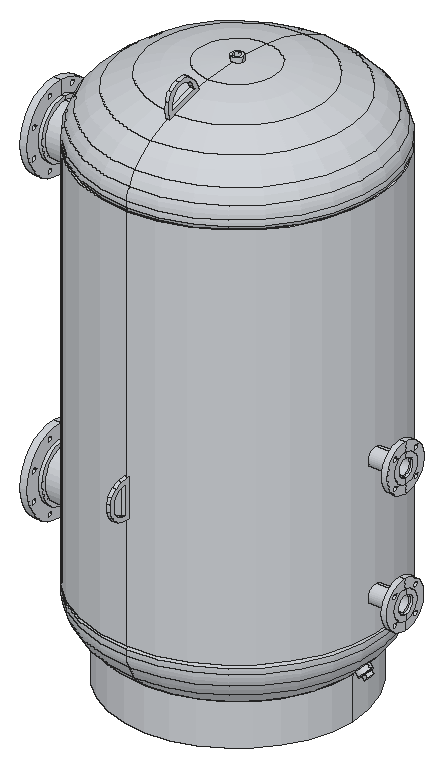
Revit family "HBT-300-26", category Generic Models, Revit 2014
Parameters (values of type "HBT-300-26")
  URL = "http://westank.com/"
  Tank Volume = 300.00 gal
  Part Number = 55643026
  Model = "HBT-300-26"
  Maximum Shipping Weight = 787 lbf
  G = 16"
  B = 6"
  A = 2"
  F = 32"
  E = 56"
  Description = "Wessels ASME 4-port primary-secondary Hot Water Buffer Tanks (HBT) are designed for use with today’s high efficiency systems that incorporate small modular low-mass boilers."
  D = 72"
  C = 36"
Reference planes (in)
  plane 1 "Center (Front/Back)": y = 0
  plane 2: z = 0
  plane 3 "Center (Left/Right)": x = 0
  plane 4: z = 0
  plane 5: x = -18
  plane 6: x = 18
  plane 7: z = 72
  plane 8: z = 56
  plane 9: z = 32
  plane 10: z = 16
Forms (in)
  Revolve 1, solid
    sketch origin (0, -0.02461, 0) x (0, 1, 0) y (0, 0, 1)
      loop
        line (-17.97559, 11.40987) -> (-17.77585, 11.40987)
        arc (-17.77585, 11.40987) -> (-17.77901, 11.38745) -> (-17.78675, 11.36617) r 0.10832
        line (-17.78675, 11.36617) -> (-17.97559, 10.97899)
        arc (-17.97559, 10.97899) -> (-17.97692, 10.6034) -> (-17.93634, 10.23002) r 3.36112
        arc (-17.93634, 10.23002) -> (-17.83534, 9.45516) -> (-17.56075, 8.72359) r 3.4127
        arc (-17.56075, 8.72359) -> (-17.14884, 7.91952) -> (-16.63227, 7.17835) r 6.68364
        arc (-16.63227, 7.17835) -> (-15.41449, 5.9118) -> (-13.99078, 4.88214) r 9.83519
        arc (-13.99078, 4.88214) -> (-12.33964, 3.99029) -> (-10.62031, 3.23825) r 22.63963
        arc (-10.62031, 3.23825) -> (-7.74153, 2.33452) -> (-4.76815, 1.82164) r 22.63963
        arc (-4.76815, 1.82164) -> (-2.37465, 1.61295) -> (0.02461, 1.4865) r 70.02787
        line (0.02461, 1.4865) -> (0.02461, 1.65848)
        arc (0.02461, 1.65848) -> (-2.3657, 1.78462) -> (-4.75028, 1.99258) r 69.85599
        arc (-4.75028, 1.99258) -> (-7.70109, 2.50157) -> (-10.55801, 3.39844) r 22.46775
        arc (-10.55801, 3.39844) -> (-12.26429, 4.14477) -> (-13.9029, 5.02985) r 22.46775
        arc (-13.9029, 5.02985) -> (-15.30173, 6.04151) -> (-16.49823, 7.28593) r 9.66331
        arc (-16.49823, 7.28593) -> (-17.00303, 8.01057) -> (-17.40515, 8.79685) r 6.51177
        arc (-17.40515, 8.79685) -> (-17.66943, 9.50016) -> (-17.76465, 10.24543) r 3.24083
        arc (-17.76465, 10.24543) -> (-17.80397, 10.58906) -> (-17.80585, 10.93493) r 3.18924
        line (-17.80585, 10.93493) -> (-17.63227, 11.29083)
        arc (-17.63227, 11.29083) -> (-17.60804, 11.35818) -> (-17.59889, 11.42917) r 0.33041
        line (-17.59889, 11.42917) -> (-17.80365, 11.42917) -> (-17.80365, 62.07314) -> (-17.59889, 62.07314)
        arc (-17.59889, 62.07314) -> (-17.60804, 62.14413) -> (-17.63227, 62.21149) r 0.33041
        line (-17.63227, 62.21149) -> (-17.80585, 62.56739)
        arc (-17.80585, 62.56739) -> (-17.80397, 62.91325) -> (-17.76465, 63.25688) r 3.18924
        arc (-17.76465, 63.25688) -> (-17.66943, 64.00215) -> (-17.40515, 64.70547) r 3.24083
        arc (-17.40515, 64.70547) -> (-17.00303, 65.49175) -> (-16.49823, 66.21639) r 6.51177
        arc (-16.49823, 66.21639) -> (-15.30173, 67.4608) -> (-13.9029, 68.47247) r 9.66331
        arc (-13.9029, 68.47247) -> (-12.26429, 69.35755) -> (-10.55801, 70.10388) r 22.46775
        arc (-10.55801, 70.10388) -> (-7.70109, 71.00074) -> (-4.75028, 71.50973) r 22.46775
        arc (-4.75028, 71.50973) -> (-2.3657, 71.71769) -> (0.02461, 71.84383) r 69.85599
        line (0.02461, 71.84383) -> (0.02461, 72.01582)
        arc (0.02461, 72.01582) -> (-2.37465, 71.88936) -> (-4.76815, 71.68068) r 70.02787
        arc (-4.76815, 71.68068) -> (-7.74153, 71.16779) -> (-10.62031, 70.26407) r 22.63963
        arc (-10.62031, 70.26407) -> (-12.33964, 69.51203) -> (-13.99078, 68.62018) r 22.63963
        arc (-13.99078, 68.62018) -> (-15.41449, 67.59052) -> (-16.63227, 66.32397) r 9.83519
        arc (-16.63227, 66.32397) -> (-17.14884, 65.58279) -> (-17.56075, 64.77872) r 6.68364
        arc (-17.56075, 64.77872) -> (-17.83534, 64.04715) -> (-17.93634, 63.2723) r 3.4127
        arc (-17.93634, 63.2723) -> (-17.97692, 62.89891) -> (-17.97559, 62.52332) r 3.36112
        line (-17.97559, 62.52332) -> (-17.78675, 62.13614)
        arc (-17.78675, 62.13614) -> (-17.77901, 62.11486) -> (-17.77585, 62.09244) r 0.10832
        line (-17.77585, 62.09244) -> (-17.97559, 62.09244) -> (-17.97559, 11.40987)
      axis (0.02461, 1.4865) -> (0.02461, 72.01582)
    angle from 0 to 360
  Revolve 2, solid
    sketch origin (1.3301, 0, 3.24654) x (0.990017, 0, -0.140951) y (0.140951, 0, 0.990017)
      loop
        line (14.71753, 6.11956) -> (14.66586, 6.1556) -> (14.25436, 5.56561) -> (14.86992, 5.13627) -> (15.24588, 5.6753) -> (15.19462, 5.71106) -> (15.31904, 5.88945) -> (14.80641, 6.24699) -> (14.71753, 6.11956)
      axis (14.25436, 5.56561) -> (14.86992, 5.13627)
    angle from 0 to 360
  Extrusion 3, solid
    sketch origin (16.3437, -180, 7.27869) x (0.681658, 0, 0.731671) y (0, -1, 0)
      loop
        line (-0.16036, -179.52645) -> (-0.95521, -179.68698) -> (-0.79485, -180.48095) -> (0, -180.32042) -> (-0.16036, -179.52645)
    from 1.02698 to 1.52678
  Extrusion 4, solid
    sketch origin (0, -6.04905, 4.9833) x (0, 1, 0) y (0, 0, 1)
      loop
        line (-11.93439, 21.33067) -> (-11.93439, 26.202)
        arc (-11.93439, 26.202) -> (-12.47846, 26.15164) -> (-13.01533, 26.05008) r 5.77422
        arc (-13.01533, 26.05008) -> (-13.49297, 25.89754) -> (-13.94252, 25.67548) r 3.35288
        arc (-13.94252, 25.67548) -> (-14.34081, 25.36666) -> (-14.64962, 24.96837) r 2.0073
        arc (-14.64962, 24.96837) -> (-14.80343, 24.58932) -> (-14.88788, 24.18906) r 2.30742
        arc (-14.88788, 24.18906) -> (-14.91277, 23.77188) -> (-14.88788, 23.3547) r 3.50846
        arc (-14.88788, 23.3547) -> (-14.79412, 22.92876) -> (-14.61961, 22.52904) r 2.24053
        arc (-14.61961, 22.52904) -> (-14.27401, 22.08806) -> (-13.80999, 21.77406) r 1.8078
        arc (-13.80999, 21.77406) -> (-13.34321, 21.55591) -> (-12.84107, 21.44044) r 2.44481
        arc (-12.84107, 21.44044) -> (-12.39043, 21.36326) -> (-11.93439, 21.33067) r 4.65484
      loop
        arc (-12.44611, 25.63929) -> (-12.67227, 25.60073) -> (-12.89654, 25.55235) r 5.2625
        arc (-12.89654, 25.55235) -> (-13.30128, 25.42308) -> (-13.68221, 25.23491) r 2.84116
        arc (-13.68221, 25.23491) -> (-13.97364, 25.01013) -> (-14.20134, 24.72098) r 1.49558
        arc (-14.20134, 24.72098) -> (-14.3163, 24.43235) -> (-14.37979, 24.12821) r 1.7957
        arc (-14.37979, 24.12821) -> (-14.40106, 23.77188) -> (-14.37979, 23.41555) r 2.99674
        arc (-14.37979, 23.41555) -> (-14.30745, 23.08689) -> (-14.17279, 22.77846) r 1.72881
        arc (-14.17279, 22.77846) -> (-13.91552, 22.45353) -> (-13.56884, 22.22643) r 1.29608
        arc (-13.56884, 22.22643) -> (-13.1779, 22.0402) -> (-12.75531, 21.94566) r 1.9331
        arc (-12.75531, 21.94566) -> (-12.60126, 21.91347) -> (-12.44611, 21.88716) r 4.14312
        line (-12.44611, 21.88716) -> (-12.44611, 25.63929)
    from -0.24366 to 0.25634
  Extrusion 5, solid
    sketch origin (0, -28.53332, 53.09576) x (0, 0.284015, -0.95882) y (0, 0.95882, 0.284015)
      loop
        arc (-11.9298, 25.67102) -> (-12.15596, 25.63246) -> (-12.38023, 25.58408) r 5.2625
        arc (-12.38023, 25.58408) -> (-12.78497, 25.45482) -> (-13.16591, 25.26664) r 2.84116
        arc (-13.16591, 25.26664) -> (-13.45733, 25.04186) -> (-13.68503, 24.75271) r 1.49558
        arc (-13.68503, 24.75271) -> (-13.8, 24.46408) -> (-13.86349, 24.15994) r 1.7957
        arc (-13.86349, 24.15994) -> (-13.88475, 23.80361) -> (-13.86349, 23.44728) r 2.99674
        arc (-13.86349, 23.44728) -> (-13.79114, 23.11862) -> (-13.65649, 22.81019) r 1.72881
        arc (-13.65649, 22.81019) -> (-13.39922, 22.48527) -> (-13.05253, 22.25816) r 1.29608
        arc (-13.05253, 22.25816) -> (-12.66159, 22.07193) -> (-12.239, 21.97739) r 1.9331
        arc (-12.239, 21.97739) -> (-12.08496, 21.94521) -> (-11.9298, 21.91889) r 4.14312
        line (-11.9298, 21.91889) -> (-11.9298, 25.67102)
      loop
        line (-11.25461, 21.34343) -> (-11.25461, 26.18965)
        arc (-11.25461, 26.18965) -> (-12.15974, 26.1622) -> (-13.02719, 25.90227) r 3.48194
        arc (-13.02719, 25.90227) -> (-13.54727, 25.6041) -> (-13.99851, 25.20943) r 3.03185
        arc (-13.99851, 25.20943) -> (-14.28248, 24.55653) -> (-14.39992, 23.8543) r 2.91879
        arc (-14.39992, 23.8543) -> (-14.3348, 23.1787) -> (-14.08611, 22.54717) r 2.44012
        arc (-14.08611, 22.54717) -> (-13.716, 22.08641) -> (-13.21844, 21.76749) r 1.83162
        arc (-13.21844, 21.76749) -> (-12.25729, 21.45928) -> (-11.25461, 21.34343) r 5.1769
    from -0.24366 to 0.25634
  Extrusion 6, solid
    sketch origin (0, 0, 0) x (1, 0, 0) y (0, 1, 0)
      loop
        circle (0, 0) r 0.75
      loop
        circle (0, 0) r 0.5
    from 71.36613 to 72.49354
  Extrusion 7, void
    sketch origin (0, 0, 0) x (1, 0, 0) y (0, 1, 0)
      loop
        circle (0, 0) r 0.5
    from 70.90268 to 73.75579
  Revolve 8, solid
    sketch origin (0, 0, 0) x (1, 0, 0) y (0, 0, 1)
      loop
        line (14.82824, 5.43485) -> (14.82824, 0) -> (15, 0) -> (15, 5.43485) -> (14.82824, 5.43485)
      axis (0, 5.43485) -> (0, 0)
    angle from 0 to 360
  Revolve 9, solid
    sketch origin (-4.11882, 0, 3.28348) x (1, 0, 0) y (0, 0, 1)
      loop
        line (24.99382, 11.53157) -> (24.99382, 10.96875) -> (25.24382, 10.96875) -> (25.24382, 9.71837) -> (25.93132, 9.71837) -> (25.93132, 10.90594) -> (25.99382, 10.90594) -> (25.99382, 11.53157) -> (24.99382, 11.53157)
      axis (25.99382, 12.71652) -> (24.99382, 12.71652)
    angle from 0 to 360
  Revolve 10, solid
    sketch origin (-2.17131, 0, 3.5) x (-1, 0, 0) y (0, 0, -1)
      loop
        line (-17.17131, -11.46847) -> (-17.17131, -11.31445) -> (-23.67131, -11.31445) -> (-23.67131, -11.46847) -> (-17.17131, -11.46847)
      axis (-23.67131, -12.5) -> (-17.17131, -12.5)
    angle from 0 to 360
  Extrusion 11, void
    sketch origin (5.87592, 0, 3.00195) x (0, 1, 0) y (0, 0, 1)
      loop
        circle (1.68454, 14.67389) r 0.38273
      loop
        circle (-1.69766, 14.67389) r 0.37635
      loop
        circle (-1.66641, 11.31003) r 0.35289
      loop
        circle (1.70166, 11.31003) r 0.37084
    from 13.49462 to 18.49167
  Revolve 12, solid
    sketch origin (-4.05645, 0, 19.28348) x (1, 0, 0) y (0, 0, 1)
      loop
        line (24.99382, 11.53157) -> (24.99382, 10.96875) -> (25.24382, 10.96875) -> (25.24382, 9.71837) -> (25.93132, 9.71837) -> (25.93132, 10.90594) -> (25.99382, 10.90594) -> (25.99382, 11.53157) -> (24.99382, 11.53157)
      axis (25.99382, 12.71652) -> (24.99382, 12.71652)
    angle from 0 to 360
  Revolve 13, solid
    sketch origin (-2.10894, 0, 19.5) x (-1, 0, 0) y (0, 0, -1)
      loop
        line (-17.17131, -11.46847) -> (-17.17131, -11.31445) -> (-23.67131, -11.31445) -> (-23.67131, -11.46847) -> (-17.17131, -11.46847)
      axis (-23.67131, -12.5) -> (-17.17131, -12.5)
    angle from 0 to 360
  Extrusion 14, void
    sketch origin (5.93829, 0, 19.00195) x (0, 1, 0) y (0, 0, 1)
      loop
        circle (1.68454, 14.67389) r 0.38273
      loop
        circle (-1.69766, 14.67389) r 0.37635
      loop
        circle (-1.66641, 11.31003) r 0.35289
      loop
        circle (1.70166, 11.31003) r 0.37084
    from 13.49462 to 18.49167
  Extrusion 15, void
    sketch origin (3.96338, 0, 8.24902) x (0, 1, 0) y (0, 0, 1)
      loop
        circle (0, 23.75098) r 1.03153
    from 10.06157 to 17.27456
  Extrusion 16, solid
    sketch origin (16.3437, -180, 7.27869) x (0.681658, 0, 0.731671) y (0, -1, 0)
      loop
        line (-0.16036, -179.52645) -> (-0.95521, -179.68698) -> (-0.79485, -180.48095) -> (0, -180.32042) -> (-0.16036, -179.52645)
    from 1.02698 to 1.52678
  Extrusion 17, void
    sketch origin (0, 0, 0.25) x (0, 1, 0) y (0, 0, 1)
      loop
        circle (0, 55.75) r 3.03236
    from -21.98599 to -16.85333
  Extrusion 18, void
    sketch origin (-3.60333, 0.13917, 2.92009) x (0, 1, 0) y (0, 0, -1)
      loop
        circle (1.69719, -17.48433) r 0.39709
      loop
        circle (-1.9754, -17.46881) r 0.36639
      loop
        circle (-4.51769, -14.87895) r 0.39644
      loop
        circle (-4.52689, -11.27295) r 0.39509
      loop
        circle (-1.97257, -8.6987) r 0.36154
      loop
        circle (1.64514, -8.71232) r 0.37125
      loop
        circle (4.24496, -14.89528) r 0.38234
      loop
        circle (4.26498, -11.26686) r 0.36602
    from 22.86736 to 18.16765
  Revolve 19, solid
    sketch origin (-2.98639, 0, 1.50063) x (-1, 0, 0) y (0, 0, 1)
      loop
        line (19.42942, 11.18586) -> (19.42942, 10.71812) -> (19.99192, 10.71812) -> (19.99192, 8.99937) -> (20.92942, 8.99937) -> (20.92942, 10.24937) -> (20.99192, 10.24937) -> (20.99192, 11.18586) -> (19.42942, 11.18586)
      axis (20.99192, 14.49937) -> (19.42942, 14.49937)
    angle from 0 to 360
  Revolve 20, solid
    sketch origin (-3.58795, 0, 1.50258) x (1, 0, 0) y (0, 0, 1)
      loop
        line (-13.76536, 11.46505) -> (-19.89036, 11.46505) -> (-19.89036, 11.18492) -> (-13.76536, 11.18492) -> (-13.76536, 11.46505)
      axis (-19.89036, 14.49742) -> (-13.76536, 14.49742)
    angle from 0 to 360
  Extrusion 21, void
    sketch origin (0, 0, 0) x (0, 1, 0) y (0, 0, 1)
      loop
        circle (0, 16) r 3.03236
    from -25.80262 to -14.49862
  Revolve 22, solid
    sketch origin (-2.98639, 0, 41.50063) x (-1, 0, 0) y (0, 0, 1)
      loop
        line (19.42942, 11.18586) -> (19.42942, 10.71812) -> (19.99192, 10.71812) -> (19.99192, 8.99937) -> (20.92942, 8.99937) -> (20.92942, 10.24937) -> (20.99192, 10.24937) -> (20.99192, 11.18586) -> (19.42942, 11.18586)
      axis (20.99192, 14.49937) -> (19.42942, 14.49937)
    angle from 0 to 360
  Revolve 23, solid
    sketch origin (-3.58795, 0, 41.50258) x (1, 0, 0) y (0, 0, 1)
      loop
        line (-13.76536, 11.46505) -> (-19.89036, 11.46505) -> (-19.89036, 11.18492) -> (-13.76536, 11.18492) -> (-13.76536, 11.46505)
      axis (-19.89036, 14.49742) -> (-13.76536, 14.49742)
    angle from 0 to 360
  Extrusion 24, void
    sketch origin (-3.60333, 0.13917, 42.93945) x (0, 1, 0) y (0, 0, -1)
      loop
        circle (1.69719, -17.48433) r 0.39709
      loop
        circle (-1.9754, -17.46881) r 0.36639
      loop
        circle (-4.51769, -14.87895) r 0.39644
      loop
        circle (-4.52689, -11.27295) r 0.39509
      loop
        circle (-1.97257, -8.6987) r 0.36154
      loop
        circle (1.64514, -8.71232) r 0.37125
      loop
        circle (4.24496, -14.89528) r 0.38234
      loop
        circle (4.26498, -11.26686) r 0.36602
    from 22.86736 to 18.16765
Cuts and joins
  joined: Extrusion 3, Extrusion 4, Extrusion 5, Extrusion 6, Revolve 8
  Extrusion 7, Extrusion 11, Extrusion 14, Extrusion 15, Extrusion 17, Extrusion 21 cuts Revolve 1
  Extrusion 11 cuts Revolve 9
  Extrusion 14 cuts Revolve 12
  Extrusion 15 cuts Revolve 13
  Extrusion 17 cuts Revolve 23
  Extrusion 18 cuts Revolve 19
  Extrusion 21 cuts Revolve 20
  Extrusion 24 cuts Revolve 22
Dimensions and locks (in)
  "D": plane 7 to plane 4
  "G": plane 10 to plane 4
  "F": plane 9 to plane 4
  "E": plane 8 to plane 4
  "C": plane 6 to plane 5
  aligned and locked: plane 2 to level
Automatic sketch dimensions
  Revolve 1 sketch curve to Revolve 1 sketch curve = 0"  (x56)
  Revolve 1 sketch curve to plane 1 "Center (Front/Back)" = 0"  (x3)
  plane 1 "Center (Front/Back)" to Revolve 1 sketch curve = 2.43969"  (x2)
  Revolve 1 sketch curve to plane 10 = 2.66549"
  plane 1 "Center (Front/Back)" to Revolve 1 sketch curve = 8.98663"  (x2)
  plane 8 to Revolve 1 sketch curve = 4.16781"
  Revolve 1 sketch curve to Revolve 1 sketch curve = 2.45782"  (x2)
  Revolve 1 sketch curve to Revolve 1 sketch curve = 3.10417"  (x2)
  Revolve 1 sketch curve to Revolve 1 sketch curve = 0.0964"  (x2)
  Revolve 1 sketch curve to Revolve 1 sketch curve = 2.97849"  (x2)
  plane 8 to Revolve 1 sketch curve = 6.21149"
  Revolve 1 sketch curve to Revolve 1 sketch curve = 0.03338"  (x2)
  Revolve 1 sketch curve to plane 10 = 4.70917"
  Revolve 1 sketch curve to Revolve 1 sketch curve = 0.17696"  (x2)
  Revolve 1 sketch curve to plane 10 = 4.63383"
  Revolve 1 sketch curve to Revolve 1 sketch curve = 0.0109"  (x2)
  plane 8 to Revolve 1 sketch curve = 6.13614"
  Revolve 1 sketch curve to Revolve 1 sketch curve = 0.0278"
  plane 8 to Revolve 1 sketch curve = 6.56739"
  Revolve 1 sketch curve to Revolve 1 sketch curve = 0.17358"  (x2)
  Revolve 1 sketch curve to plane 10 = 5.06507"
  Revolve 1 sketch curve to Revolve 1 sketch curve = 0.08045"  (x2)
  Revolve 1 sketch curve to Revolve 1 sketch curve = 0.04514"  (x2)
  Revolve 1 sketch curve to Revolve 1 sketch curve = 0.04635"
  Revolve 1 sketch curve to plane 10 = 5.02101"
  Revolve 1 sketch curve to Revolve 1 sketch curve = 0.16974"  (x2)
  plane 8 to Revolve 1 sketch curve = 6.52332"
  Revolve 1 sketch curve to plane 7 = 0.52976"
  Revolve 1 sketch curve to plane 1 "Center (Front/Back)" = 2.48565"  (x2)
  Revolve 1 sketch curve to Revolve 1 sketch curve = 0.51151"
  Revolve 1 sketch curve to Revolve 1 sketch curve = 0.49854"  (x2)
  level to Revolve 1 sketch curve = 2.03208"
  level to Revolve 1 sketch curve = 1.65848"
  Revolve 1 sketch curve to Revolve 1 sketch curve = 0.17198"
  Revolve 1 sketch curve to Revolve 1 sketch curve = 1 249/256"  (x2)
  Revolve 1 sketch curve to Revolve 1 sketch curve = 0.0437"
  Revolve 1 sketch curve to Revolve 1 sketch curve = 0.0193"
  Revolve 1 sketch curve to plane 9 = 7.66135"
  Revolve 1 sketch curve to plane 8 = 6.83634"
  Revolve 1 sketch curve to Revolve 1 sketch curve = 0.0695"
  Revolve 1 sketch curve to Revolve 1 sketch curve = 0.02202"
  Revolve 1 sketch curve to Revolve 1 sketch curve = 0.64986"
  Revolve 1 sketch curve to plane 7 = 0.15617"
  plane 7 to Revolve 1 sketch curve = 0.01582"
  Revolve 1 sketch curve to plane 7 = 1.89612"
  level to Revolve 1 sketch curve = 3 51/128"
  Revolve 1 sketch curve to Revolve 1 sketch curve = 0.06229"  (x2)
  Revolve 1 sketch curve to Revolve 1 sketch curve = 0.90692"  (x2)
  Revolve 1 sketch curve to Revolve 1 sketch curve = 0.1556"  (x2)
  Revolve 1 sketch curve to plane 9 = 3.10692"
  plane 9 to Revolve 1 sketch curve = 0.64308"
  Revolve 2 sketch curve to plane 6 = 1.77337"
  level to Revolve 2 sketch curve = 6.74742"
  Revolve 2 sketch curve to Revolve 2 sketch curve = 0.4115"
  Revolve 2 sketch curve to Revolve 2 sketch curve = 0.05167"
  Revolve 2 sketch curve to Revolve 2 sketch curve = 0.08888"
  Revolve 2 sketch curve to Revolve 2 sketch curve = 0.61556"
  Revolve 2 sketch curve to Revolve 2 sketch curve = 0.47709"
  Revolve 2 sketch curve to Revolve 2 sketch curve = 0.05126"
  Revolve 2 sketch curve to Revolve 2 sketch curve = 0.42934"
  Revolve 2 sketch curve to Revolve 2 sketch curve = 0.12768"
  Revolve 2 sketch curve to Revolve 2 sketch curve = 0"  (x2)
  Revolve 2 sketch curve to Revolve 2 sketch curve = 0.08905"
  plane 1 "Center (Front/Back)" to Extrusion 3 sketch curve = 0.31302"
  Extrusion 3 sketch curve to plane 1 "Center (Front/Back)" = 0.48095"
  Extrusion 3 sketch curve to Extrusion 3 sketch curve = 0.16036"  (x2)
  plane 1 "Center (Front/Back)" to Extrusion 3 sketch curve = 0.47355"
  Extrusion 3 sketch curve to Extrusion 3 sketch curve = 0.79485"
  Extrusion 3 sketch curve to plane 1 "Center (Front/Back)" = 0.32042"
  Extrusion 4 sketch curve to Extrusion 4 sketch curve = 0"  (x24)
  Extrusion 4 sketch curve to plane 9 = 3.6065"
  plane 1 "Center (Front/Back)" to Extrusion 4 sketch curve = 19.09014"
  Extrusion 4 sketch curve to Extrusion 4 sketch curve = 0.11966"
  Extrusion 4 sketch curve to Extrusion 4 sketch curve = 0.25819"
  Extrusion 4 sketch curve to Extrusion 4 sketch curve = 17/256"
  Extrusion 4 sketch curve to Extrusion 4 sketch curve = 0.04958"
  Extrusion 4 sketch curve to Extrusion 4 sketch curve = 0.15073"
  Extrusion 4 sketch curve to Extrusion 4 sketch curve = 0.20915"
  Extrusion 4 sketch curve to Extrusion 4 sketch curve = 131/256"
  Extrusion 4 sketch curve to Extrusion 4 sketch curve = 0.10338"
  Extrusion 4 sketch curve to Extrusion 4 sketch curve = 0.25955"
  Extrusion 4 sketch curve to Extrusion 4 sketch curve = 1.14294"
  Extrusion 4 sketch curve to Extrusion 4 sketch curve = 0.62139"
  Extrusion 4 sketch curve to Extrusion 4 sketch curve = 0.90165"
  Extrusion 4 sketch curve to Extrusion 4 sketch curve = 0.55648"
  Extrusion 4 sketch curve to Extrusion 4 sketch curve = 0.89706"
  Extrusion 4 sketch curve to Extrusion 4 sketch curve = 27/128"
  Extrusion 4 sketch curve to Extrusion 4 sketch curve = 0.15076"
  Extrusion 4 sketch curve to Extrusion 4 sketch curve = 0.24641"
  Extrusion 4 sketch curve to Extrusion 4 sketch curve = 0.04716"
  Extrusion 4 sketch curve to Extrusion 4 sketch curve = 0.0326"
  Extrusion 4 sketch curve to plane 9 = 1.37741"
  Extrusion 4 sketch curve to Extrusion 4 sketch curve = 0.34507"
  Extrusion 4 sketch curve to Extrusion 4 sketch curve = 0.21764"
  Extrusion 4 sketch curve to Extrusion 4 sketch curve = 1.12273"
  Extrusion 4 sketch curve to Extrusion 4 sketch curve = 0.78568"
  Extrusion 4 sketch curve to Extrusion 4 sketch curve = 0.24115"
  Extrusion 4 sketch curve to Extrusion 4 sketch curve = 0.2603"
  Extrusion 4 sketch curve to Extrusion 4 sketch curve = 0.60395"
  Extrusion 4 sketch curve to Extrusion 4 sketch curve = 0.51913"
  Extrusion 4 sketch curve to Extrusion 4 sketch curve = 0.44682"
  Extrusion 4 sketch curve to Extrusion 4 sketch curve = 0.44829"
  Extrusion 6 sketch curve to Extrusion 6 sketch curve = 0"  (x2)
  plane 1 "Center (Front/Back)" to Extrusion 6 sketch curve = 0"
  Extrusion 6 sketch curve to plane 3 "Center (Left/Right)" = 0"
  Extrusion 7 sketch curve to Extrusion 7 sketch curve = 0"  (x2)
  plane 1 "Center (Front/Back)" to Extrusion 7 sketch curve = 0"
  Extrusion 7 sketch curve to plane 3 "Center (Left/Right)" = 0"
  Extrusion 7 sketch curve to plane 3 "Center (Left/Right)" = 1/2"
  Revolve 8 sketch curve to plane 3 "Center (Left/Right)" = 0"
  Revolve 8 sketch curve to level = 0"
  Revolve 8 sketch curve to plane 6 = 3.17176"
  Revolve 8 sketch curve to Revolve 8 sketch curve = 0.17176"
  level to Revolve 8 sketch curve = 5.43485"
  level to Revolve 8 sketch curve = 4.69941"
  Revolve 8 sketch curve to Revolve 8 sketch curve = 1"
  Extrusion 5 sketch curve to plane 7 = 0.23736"
  plane 1 "Center (Front/Back)" to Extrusion 5 sketch curve = 9.61397"
  Extrusion 5 sketch curve to Extrusion 5 sketch curve = 0.03301"
  Extrusion 5 sketch curve to Extrusion 5 sketch curve = 0.08665"
  Extrusion 5 sketch curve to Extrusion 5 sketch curve = 0.34483"
  Extrusion 5 sketch curve to Extrusion 5 sketch curve = 17/256"
  Extrusion 5 sketch curve to Extrusion 5 sketch curve = 0.04958"
  Extrusion 5 sketch curve to Extrusion 5 sketch curve = 0.06885"
  Extrusion 5 sketch curve to Extrusion 5 sketch curve = 0.15073"
  Extrusion 5 sketch curve to Extrusion 5 sketch curve = 0.36028"
  Extrusion 5 sketch curve to Extrusion 5 sketch curve = 0.06601"
  Extrusion 5 sketch curve to Extrusion 5 sketch curve = 0.11815"
  Extrusion 5 sketch curve to Extrusion 5 sketch curve = 0.47821"
  Extrusion 5 sketch curve to Extrusion 5 sketch curve = 0.6151"
  Extrusion 5 sketch curve to Extrusion 5 sketch curve = 0.0601"
  Extrusion 5 sketch curve to Extrusion 5 sketch curve = 0.09002"
  Extrusion 5 sketch curve to Extrusion 5 sketch curve = 0.09607"
  Extrusion 5 sketch curve to Extrusion 5 sketch curve = 0.59588"
  Extrusion 5 sketch curve to Extrusion 5 sketch curve = 0.3061"
  Extrusion 5 sketch curve to Extrusion 5 sketch curve = 0.31529"
  Extrusion 5 sketch curve to Extrusion 5 sketch curve = 0.0954"
  Extrusion 5 sketch curve to Extrusion 5 sketch curve = 0.80625"
  Extrusion 5 sketch curve to Extrusion 5 sketch curve = 0.57547"
  Extrusion 5 sketch curve to Extrusion 5 sketch curve = 0.87808"
  Extrusion 5 sketch curve to Extrusion 5 sketch curve = 0.00686"
  Extrusion 5 sketch curve to Extrusion 5 sketch curve = 0.20406"
  Extrusion 5 sketch curve to Extrusion 5 sketch curve = 0.59172"
  Extrusion 5 sketch curve to Extrusion 5 sketch curve = 0.09548"
  Extrusion 5 sketch curve to Extrusion 5 sketch curve = 0.07607"
  Extrusion 5 sketch curve to Extrusion 5 sketch curve = 0.15093"
  Extrusion 5 sketch curve to Extrusion 5 sketch curve = 0.04716"
  Extrusion 5 sketch curve to Extrusion 5 sketch curve = 0.0326"
  Extrusion 5 sketch curve to Extrusion 5 sketch curve = 1.7246"
  Extrusion 5 sketch curve to Extrusion 5 sketch curve = 0.34507"
  Extrusion 5 sketch curve to Extrusion 5 sketch curve = 0.17356"
  Extrusion 5 sketch curve to Extrusion 5 sketch curve = 0.32989"
  Extrusion 5 sketch curve to Extrusion 5 sketch curve = 0"  (x6)
  Extrusion 5 sketch curve to Extrusion 5 sketch curve = 0.1659"
  Extrusion 5 sketch curve to Extrusion 5 sketch curve = 0.13872"
  Extrusion 5 sketch curve to Extrusion 5 sketch curve = 0.42962"
  Extrusion 5 sketch curve to Extrusion 5 sketch curve = 0.51913"
  Extrusion 5 sketch curve to Extrusion 5 sketch curve = 0.31348"
  plane 6 to Revolve 9 sketch curve = 2 7/8"
  plane 6 to Revolve 9 sketch curve = 3 1/8"
  Revolve 9 sketch curve to Revolve 9 sketch curve = 11/16"
  Revolve 9 sketch curve to Revolve 9 sketch curve = 1/16"
  Revolve 9 sketch curve to plane 10 = 2.99815"
  Revolve 9 sketch curve to Revolve 9 sketch curve = 1.18757"
  Revolve 9 sketch curve to Revolve 9 sketch curve = 0.06281"
  Revolve 9 sketch curve to Revolve 9 sketch curve = 0.62563"
  Revolve 9 sketch curve to plane 10 = 0"
  Revolve 9 sketch curve to Revolve 9 sketch curve = 5 7/8"
  plane 3 "Center (Left/Right)" to Revolve 9 sketch curve = 7 3/4"
  plane 6 to Revolve 10 sketch curve = 3 1/2"
  Revolve 10 sketch curve to plane 6 = 3"
  Revolve 10 sketch curve to plane 10 = 1.03153"
  Revolve 10 sketch curve to Revolve 10 sketch curve = 0.15401"
  Revolve 10 sketch curve to Revolve 10 sketch curve = 1/4"
  Revolve 10 sketch curve to Revolve 10 sketch curve = 3/4"
  Revolve 10 sketch curve to Revolve 10 sketch curve = 1.03153"
  plane 10 to Extrusion 11 sketch curve = 1.67584"  (x2)
  plane 1 "Center (Front/Back)" to Extrusion 11 sketch curve = 1.69766"
  plane 1 "Center (Front/Back)" to Extrusion 11 sketch curve = 1.66641"
  Extrusion 11 sketch curve to plane 1 "Center (Front/Back)" = 1.68454"
  Extrusion 11 sketch curve to plane 1 "Center (Front/Back)" = 1.70166"
  Extrusion 11 sketch curve to Extrusion 11 sketch curve = 3.36385"  (x2)
  plane 6 to Revolve 12 sketch curve = 2.93736"
  plane 6 to Revolve 12 sketch curve = 3.18736"
  Revolve 12 sketch curve to Revolve 12 sketch curve = 11/16"
  Revolve 12 sketch curve to Revolve 12 sketch curve = 1/16"
  Revolve 12 sketch curve to plane 9 = 2.99815"
  Revolve 12 sketch curve to Revolve 12 sketch curve = 1.18757"
  Revolve 12 sketch curve to Revolve 12 sketch curve = 0.06281"
  Revolve 12 sketch curve to Revolve 12 sketch curve = 0.62563"
  Revolve 12 sketch curve to plane 6 = 2.93763"
  plane 3 "Center (Left/Right)" to Revolve 12 sketch curve = 7.81237"
  Revolve 12 sketch curve to plane 9 = 0"
  plane 6 to Revolve 13 sketch curve = 3.56237"
  Revolve 13 sketch curve to plane 6 = 2.93763"
  Revolve 13 sketch curve to plane 9 = 1.03153"
  Revolve 13 sketch curve to Revolve 13 sketch curve = 0.15401"
  Revolve 13 sketch curve to Revolve 13 sketch curve = 1/4"
  Revolve 13 sketch curve to Revolve 13 sketch curve = 3/4"
  Revolve 13 sketch curve to Revolve 13 sketch curve = 1.03153"
  plane 1 "Center (Front/Back)" to Extrusion 14 sketch curve = 1.69766"
  plane 1 "Center (Front/Back)" to Extrusion 14 sketch curve = 1.66641"
  Extrusion 14 sketch curve to plane 1 "Center (Front/Back)" = 1.68454"
  Extrusion 14 sketch curve to plane 1 "Center (Front/Back)" = 1.70166"
  Extrusion 14 sketch curve to plane 9 = 1.68801"
  Extrusion 14 sketch curve to Extrusion 14 sketch curve = 0"
  plane 9 to Extrusion 14 sketch curve = 1.67584"  (x2)
  Extrusion 15 sketch curve to Extrusion 15 sketch curve = 0"  (x2)
  Extrusion 15 sketch curve to plane 1 "Center (Front/Back)" = 0"
  Extrusion 15 sketch curve to plane 9 = 0"
  Extrusion 15 sketch curve to Extrusion 15 sketch curve = 1.03153"
  plane 1 "Center (Front/Back)" to Extrusion 16 sketch curve = 0.31302"
  Extrusion 16 sketch curve to plane 1 "Center (Front/Back)" = 0.48095"
  Extrusion 16 sketch curve to Extrusion 16 sketch curve = 0.16036"  (x2)
  plane 1 "Center (Front/Back)" to Extrusion 16 sketch curve = 0.47355"
  Extrusion 16 sketch curve to Extrusion 16 sketch curve = 0.79485"
  Extrusion 16 sketch curve to plane 1 "Center (Front/Back)" = 0.32042"
  Extrusion 17 sketch curve to Extrusion 17 sketch curve = 0"  (x2)
  Extrusion 17 sketch curve to plane 1 "Center (Front/Back)" = 0"
  Extrusion 17 sketch curve to plane 8 = 0"
  Extrusion 17 sketch curve to plane 8 = 3.03236"
  Extrusion 18 sketch curve to plane 10 = 1.80696"
  plane 1 "Center (Front/Back)" to Extrusion 18 sketch curve = 4.38772"
  plane 10 to Extrusion 18 sketch curve = 1.79904"
  Extrusion 18 sketch curve to Extrusion 18 sketch curve = 0.0092"
  plane 1 "Center (Front/Back)" to Extrusion 18 sketch curve = 1.83624"
  plane 1 "Center (Front/Back)" to Extrusion 18 sketch curve = 1.8334"
  Extrusion 18 sketch curve to plane 1 "Center (Front/Back)" = 1.78431"
  Extrusion 18 sketch curve to plane 1 "Center (Front/Back)" = 1.83636"
  plane 10 to Extrusion 18 sketch curve = 1.81537"
  Extrusion 18 sketch curve to Extrusion 18 sketch curve = 2.54777"
  Extrusion 18 sketch curve to plane 10 = 1.81305"
  Extrusion 18 sketch curve to Extrusion 18 sketch curve = 0.02003"
  Extrusion 18 sketch curve to Extrusion 18 sketch curve = 2 151/256"
  Extrusion 18 sketch curve to Extrusion 18 sketch curve = 2.58906"
  Extrusion 18 sketch curve to Extrusion 18 sketch curve = 2.55454"
  Extrusion 18 sketch curve to Extrusion 18 sketch curve = 0.01362"
  Revolve 19 sketch curve to plane 10 = 0"
  plane 5 to Revolve 19 sketch curve = 4.41581"
  Revolve 19 sketch curve to Revolve 19 sketch curve = 9/16"
  Revolve 19 sketch curve to Revolve 19 sketch curve = 15/16"
  Revolve 19 sketch curve to Revolve 19 sketch curve = 1/16"
  plane 10 to Revolve 19 sketch curve = 3.31351"
  Revolve 19 sketch curve to Revolve 19 sketch curve = 0.46774"
  Revolve 19 sketch curve to Revolve 19 sketch curve = 0.9365"
  Revolve 19 sketch curve to Revolve 19 sketch curve = 1 1/4"
  Revolve 19 sketch curve to plane 5 = 0.59331"
  Revolve 19 sketch curve to Revolve 19 sketch curve = 0.68278"
  Revolve 20 sketch curve to plane 10 = 0"
  Revolve 20 sketch curve to plane 5 = 5.47831"
  plane 5 to Revolve 20 sketch curve = 0.64669"
  Revolve 20 sketch curve to plane 10 = 3.03236"
  Revolve 20 sketch curve to Revolve 20 sketch curve = 0.28014"
  Revolve 20 sketch curve to plane 5 = 0.15872"
  plane 5 to Revolve 20 sketch curve = 0.20143"
  Extrusion 21 sketch curve to Extrusion 21 sketch curve = 0"  (x2)
  Extrusion 21 sketch curve to plane 1 "Center (Front/Back)" = 0"
  Extrusion 21 sketch curve to plane 10 = 0"
  Extrusion 21 sketch curve to plane 10 = 3.03236"
  Revolve 22 sketch curve to plane 8 = 0"
  plane 5 to Revolve 22 sketch curve = 4.41581"
  Revolve 22 sketch curve to Revolve 22 sketch curve = 9/16"
  Revolve 22 sketch curve to Revolve 22 sketch curve = 15/16"
  Revolve 22 sketch curve to Revolve 22 sketch curve = 1/16"
  plane 8 to Revolve 22 sketch curve = 3.31351"
  Revolve 22 sketch curve to Revolve 22 sketch curve = 0.46774"
  Revolve 22 sketch curve to Revolve 22 sketch curve = 0.9365"
  Revolve 22 sketch curve to Revolve 22 sketch curve = 1 1/4"
  Revolve 22 sketch curve to plane 5 = 0.59331"
  Revolve 22 sketch curve to Revolve 22 sketch curve = 0.68278"
  Revolve 23 sketch curve to plane 8 = 0"
  Revolve 23 sketch curve to plane 5 = 5.47831"
  plane 5 to Revolve 23 sketch curve = 0.64669"
  Revolve 23 sketch curve to plane 8 = 3.03236"
  Revolve 23 sketch curve to Revolve 23 sketch curve = 0.28014"
  Revolve 23 sketch curve to plane 5 = 0.15872"
  plane 5 to Revolve 23 sketch curve = 0.20143"
  Extrusion 24 sketch curve to plane 8 = 1.78759"
  plane 1 "Center (Front/Back)" to Extrusion 24 sketch curve = 4.38772"
  Extrusion 24 sketch curve to Extrusion 24 sketch curve = 0.0092"
  plane 1 "Center (Front/Back)" to Extrusion 24 sketch curve = 1.83624"
  plane 1 "Center (Front/Back)" to Extrusion 24 sketch curve = 1.8334"
  Extrusion 24 sketch curve to plane 1 "Center (Front/Back)" = 1.78431"
  Extrusion 24 sketch curve to plane 1 "Center (Front/Back)" = 1.83636"
  Extrusion 24 sketch curve to Extrusion 24 sketch curve = 2.54777"
  Extrusion 24 sketch curve to plane 8 = 1.79368"
  Extrusion 24 sketch curve to Extrusion 24 sketch curve = 0.02003"
  plane 8 to Extrusion 24 sketch curve = 1.8184"
  plane 8 to Extrusion 24 sketch curve = 1.83473"
  Extrusion 24 sketch curve to Extrusion 24 sketch curve = 2 151/256"
  Extrusion 24 sketch curve to Extrusion 24 sketch curve = 2.58906"
  Extrusion 24 sketch curve to Extrusion 24 sketch curve = 2.55454"
  Extrusion 24 sketch curve to Extrusion 24 sketch curve = 0.01362"
  radius of Extrusion 6 sketch curve = 3/4"
  radius of Extrusion 6 sketch curve = 1/2"
  radius of Extrusion 11 sketch curve = 0.38273"
  radius of Extrusion 11 sketch curve = 0.37635"
  radius of Extrusion 11 sketch curve = 0.35289"
  radius of Extrusion 11 sketch curve = 0.37084"
  radius of Extrusion 14 sketch curve = 0.38273"
  radius of Extrusion 14 sketch curve = 0.37635"
  radius of Extrusion 14 sketch curve = 0.35289"
  radius of Extrusion 14 sketch curve = 0.37084"
  radius of Extrusion 18 sketch curve = 0.39709"
  radius of Extrusion 18 sketch curve = 0.36639"
  radius of Extrusion 18 sketch curve = 0.39644"
  radius of Extrusion 18 sketch curve = 0.39509"
  radius of Extrusion 18 sketch curve = 0.36154"
  radius of Extrusion 18 sketch curve = 0.37125"
  radius of Extrusion 18 sketch curve = 0.38234"
  radius of Extrusion 18 sketch curve = 0.36602"
  radius of Extrusion 24 sketch curve = 0.39709"
  radius of Extrusion 24 sketch curve = 0.36639"
  radius of Extrusion 24 sketch curve = 0.39644"
  radius of Extrusion 24 sketch curve = 0.39509"
  radius of Extrusion 24 sketch curve = 0.36154"
  radius of Extrusion 24 sketch curve = 0.37125"
  radius of Extrusion 24 sketch curve = 0.38234"
  radius of Extrusion 24 sketch curve = 0.36602"
Connectors (in)
  piping at (21.93737, 0, 32), diameter 2, driven by "A"
    settings: on Revolve 12, index 17, connector inside diameter 24", connector length 0", flow factor 0, pipe flow 0 GPM, pressure drop 0.00 psi, fitting loss kfactor 0, connector angle 0°, fixture units 0, engagement length 0", angle of deflection 0°, flow configuration 0, flow direction 0, fitting loss method 0, system type 7, joint type 0, gender type 0, connector reference index -1, connector utility 0, adjustable connector no, is connector primary yes, connector description ""
  piping at (21.875, 0, 16), diameter 2, driven by "A"
    settings: on Revolve 9, index 18, connector inside diameter 24", connector length 0", flow factor 0, pipe flow 0 GPM, pressure drop 0.00 psi, fitting loss kfactor 0, connector angle 0°, fixture units 0, engagement length 0", angle of deflection 0°, flow configuration 0, flow direction 0, fitting loss method 0, system type 7, joint type 0, gender type 0, connector reference index -1, connector utility 0, adjustable connector no, is connector primary no, connector description ""
  piping at (-23.97831, 0, 16), diameter 6, driven by "B"
    settings: on Revolve 19, index 19, connector inside diameter 24", connector length 0", flow factor 0, pipe flow 0 GPM, pressure drop 0.00 psi, fitting loss kfactor 0, connector angle 0°, fixture units 0, engagement length 0", angle of deflection 0°, flow configuration 0, flow direction 0, fitting loss method 0, system type 7, joint type 0, gender type 0, connector reference index -1, connector utility 0, adjustable connector no, is connector primary no, connector description ""
  piping at (-23.97831, 0, 56), diameter 6, driven by "B"
    settings: on Revolve 22, index 20, connector inside diameter 24", connector length 0", flow factor 0, pipe flow 0 GPM, pressure drop 0.00 psi, fitting loss kfactor 0, connector angle 0°, fixture units 0, engagement length 0", angle of deflection 0°, flow configuration 0, flow direction 0, fitting loss method 0, system type 7, joint type 0, gender type 0, connector reference index -1, connector utility 0, adjustable connector no, is connector primary no, connector description ""
